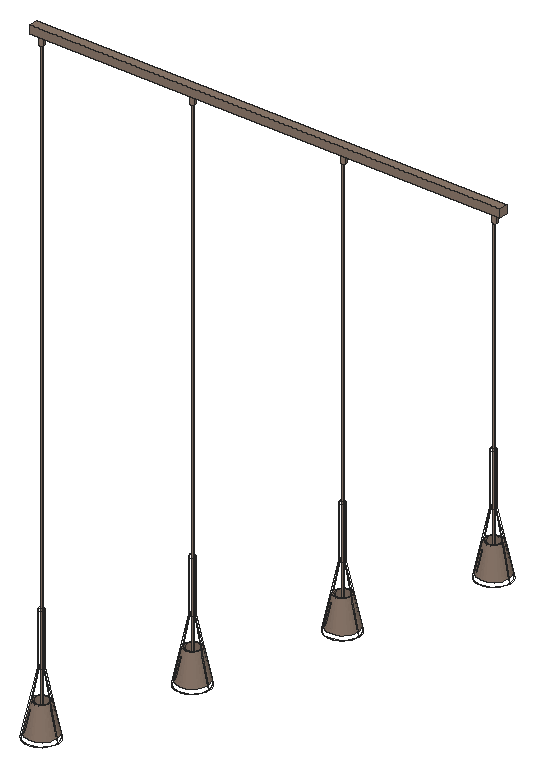
Revit family
Parameters
  Reflector D [instance] = G-5770 Note : G-5770 Note
  Reflector C [instance] = G-5770 Note : G-5770 Note
  Reflector B [instance] = G-5770 Note : G-5770 Note
  Reflector A [instance] = G-5770 Note : G-5770 Note
  Finish Option [instance] = Finish - HBOB
  Cable Length D [instance] = 3' - 0"
  Cable Length C [instance] = 4' - 0"
  Cable Length B [instance] = 5' - 0"
  Cable Length A [instance] = 6' - 0"
  Assembly Code = ""
Reference planes (in)
  plane 1 "Center (Front/Back)": y = 0
  plane 2 "Ceiling": z = 96
  plane 3 "Center (Left/Right)": x = 0
Forms (in)
  Extrusion 1, solid, material "Finish - HBOB" <- "Finish Option"
    sketch origin (0, 0, 96) x (1, 0, 0) y (0, 1, 0)
      loop
        line (-28, 0.5) -> (-28, -0.5) -> (28, -0.5) -> (28, 0.5) -> (-28, 0.5)
    from -1 to 0
  Extrusion 2, solid, material "Finish - HBOB" <- "Finish Option"
    sketch origin (0, 0, 96) x (1, 0, 0) y (0, 1, 0)
      loop
        circle (-27, 0) r 0.25
      loop
        circle (27, 0) r 0.25
      loop
        circle (9, 0) r 0.25
      loop
        circle (-9, 0) r 0.25
    from -2 to 0
Cuts and joins
  joined: Extrusion 1, Extrusion 2
Dimensions and locks (in)
  equal spacing: host sketch curve, plane 3 "Center (Left/Right)", host sketch curve
  equal spacing: host sketch curve, plane 1 "Center (Front/Back)", host sketch curve
  host sketch curve to host sketch curve = 10' - 0"  (x2)
  aligned: host ceiling to nested 1
  aligned and locked: plane 1 "Center (Front/Back)" to nested 1
  aligned: plane 3 "Center (Left/Right)" to nested 1
Nested families (in)
  nested 1: "G-5770 Note" at (-9, 0, 94), type <- "Reflector B", Cable Length <- "Cable Length B", type "G-5770 Note"
    with Cable Length 5' - 0"
  nested 2: "G-5770 Note" at (-27, 0, 94), type <- "Reflector A", Cable Length <- "Cable Length A", type "G-5770 Note"
  nested 3: "G-5770 Note" at (8.875, 0, 94), type <- "Reflector C", Cable Length <- "Cable Length C", type "G-5770 Note"
    with Cable Length 4' - 0"
  nested 4: "G-5770 Note" at (26.875, 0, 94), type <- "Reflector D", Cable Length <- "Cable Length D", type "G-5770 Note"
    with Cable Length 3' - 0"
Definition of nested family "G-5770 Note"
  Parameters (values of type "G-5770 Note")
    Wattage Comments = "12V/35W"
    Lamp = "Halostar ECO GY635IRC"
    Glass Option = Glass - Clear
    Finish Option = Finish - HBOB
    Cable Length [instance] = 6' - 0"
  Reference planes (in)
    plane 1 "Light Source Axis (F/B)": y = 0
    plane 2: z = 0
    plane 3 "Light Source Axis (L/R)": x = 0
    plane 4 "Light Source Elevation": z = -72
  Forms (in)
    Revolve 1, solid, material "Glass - Clear" <- "Glass Option"
      sketch origin (0, 0, 0) x (1, 0, 0) y (0, 0, 1)
        loop
          line (1.87206, -74) -> (2, -74) -> (0.375, -66.55208) -> (0.375, -60.375)
          arc (0.375, -60.375) -> (0.30178, -60.19822) -> (0.125, -60.125) r 0.25
          line (0.125, -60.125) -> (0.125, -65.99264) -> (1.87206, -74)
        axis (0, -74) -> (0, -60.125)
      angle from 0 to 360
    Revolve 2, solid, material "Finish - HBOB" <- "Finish Option"
      sketch origin (0, 0, 0) x (1, 0, 0) y (0, 0, 1)
        loop
          line (1.63503, -73.5) -> (1.76297, -73.5) -> (0.99933, -70) -> (0.87139, -70) -> (1.63503, -73.5)
        axis (0, -73.5) -> (0, -70)
      angle from 0 to 360
    Extrusion 3, solid, material "Finish - HBOB" <- "Finish Option"
      sketch origin (0, 0, 0) x (1, 0, 0) y (0, 1, 0)
        loop
          circle (0, 0) r 0.125
      from -71 to 0
  Dimensions and locks (in)
    locked: plane 4 "Light Source Elevation" to Revolve 1 at 2
    "Cable Length": level to plane 4 "Light Source Elevation"
    locked: plane 4 "Light Source Elevation" to Revolve 2 at 1.5
    locked: Extrusion 3 to plane 4 "Light Source Elevation" at 1
    aligned and locked: level to plane 2
    aligned: level to Extrusion 3
    aligned and locked: level to Extrusion 3
  Automatic sketch dimensions
    Revolve 1 sketch curve to plane 3 "Light Source Axis (L/R)" = 0' - 0"
    plane 3 "Light Source Axis (L/R)" to Revolve 1 sketch curve = 0' - 0 1/8"
    plane 3 "Light Source Axis (L/R)" to Revolve 1 sketch curve = 0' - 0 3/8"
    Revolve 1 sketch curve to Revolve 1 sketch curve = 0' - 1.87206"
    Revolve 1 sketch curve to Revolve 1 sketch curve = 0' - 0.12794"
    plane 4 "Light Source Elevation" to Revolve 1 sketch curve = 0' - 2"
    Revolve 1 sketch curve to Revolve 1 sketch curve = 0' - 0"
    Revolve 1 sketch curve to plane 4 "Light Source Elevation" = 0' - 5.44792"
    Revolve 1 sketch curve to Revolve 1 sketch curve = 0' - 0.55944"
    Revolve 1 sketch curve to Revolve 1 sketch curve = 0' - 5.61764"
    Revolve 1 sketch curve to Revolve 1 sketch curve = 0' - 2 1/8"
    Revolve 2 sketch curve to plane 3 "Light Source Axis (L/R)" = 0' - 0"
    plane 3 "Light Source Axis (L/R)" to Revolve 2 sketch curve = 0' - 0.87139"
    plane 3 "Light Source Axis (L/R)" to Revolve 2 sketch curve = 0' - 1.63503"
    Revolve 2 sketch curve to Revolve 2 sketch curve = 0' - 0.12794"  (x2)
    plane 4 "Light Source Elevation" to Revolve 2 sketch curve = 0' - 2"
    plane 4 "Light Source Elevation" to Revolve 2 sketch curve = 0' - 1 1/2"
    Revolve 2 sketch curve to plane 4 "Light Source Elevation" = 0' - 2"
    Revolve 2 sketch curve to Revolve 2 sketch curve = 1' - 0"
    Extrusion 3 sketch curve to Extrusion 3 sketch curve = 0' - 0"  (x2)
    plane 1 "Light Source Axis (F/B)" to Extrusion 3 sketch curve = 0' - 0"
    Extrusion 3 sketch curve to plane 3 "Light Source Axis (L/R)" = 0' - 0"
    Extrusion 3 sketch curve to Extrusion 3 sketch curve = 0' - 0 1/8"
  Nested families (in)
    nested 1: "Bulb - Halostar ECO 9250035-ECO" at (-0.01962, 0.00306, -71), type "Bulb - Halostar ECO 9250035-ECO"
  Definition of nested family "Bulb - Halostar ECO 9250035-ECO"
    Parameters (values of type "Bulb - Halostar ECO 9250035-ECO")
      Wattage Comments = "12V/35W"
      Wattage = 5.78961 W
      built-in parameter 1150110 = 1 (stored number, unit not read)
      built-in parameter 1114217 = 1 (stored number, unit not read)
      built-in parameter 1150109 = 1 (stored number, unit not read)
      built-in parameter 1150134 = (empty or 0)
      built-in parameter 1150113 = 1 (stored number, unit not read)
      built-in parameter 1150105 = 68.437 (stored number, unit not read)
      Lumens = 860 lm
      built-in parameter 1150115 = 1 (stored number, unit not read)
      Light Source Symbol Size = 2' - 0"
      built-in parameter 1150137 = (empty or 0)
      built-in parameter 1150139 = (empty or 0)
      built-in parameter 1150112 = 1 (stored number, unit not read)
      built-in parameter 1150114 = 1 (stored number, unit not read)
      Lamp = "Osram Halostar ECO: 9250*035-ECO"
      built-in parameter 1150132 = 2
      built-in parameter 1150102 = (empty or 0)
      built-in parameter 1150107 = 3000 (stored number, unit not read)
      built-in parameter 1150138 = (empty or 0)
      built-in parameter 1150106 = 0.68437 (stored number, unit not read)
      built-in parameter 1150104 = 13.8 (stored number, unit not read)
      Dimming Lamp Color Temperature Shift = (empty or 0)
      Default Elevation = 6' - 0"
      Color Filter = 16777215
      built-in parameter 1114218 = 1 (stored number, unit not read)
      built-in parameter 1150133 = 10 (stored number, unit not read)
    Reference planes (in)
      plane 1 "Center (Front/Back)": y = 0
      plane 2: z = 0
      plane 3 "Center (Left/Right)": x = 0
    Forms (in)
      Extrusion 1, solid
        sketch origin (0, 0, 0) x (1, 0, 0) y (0, 1, 0)
          loop
            line (-48, 48) -> (-48, -48) -> (48, -48) -> (48, 48) -> (-48, 48)
        from 0 to -12
    Dimensions and locks (in)
      aligned and locked: plane 2 to Extrusion 1
      aligned and locked: level to Extrusion 1
